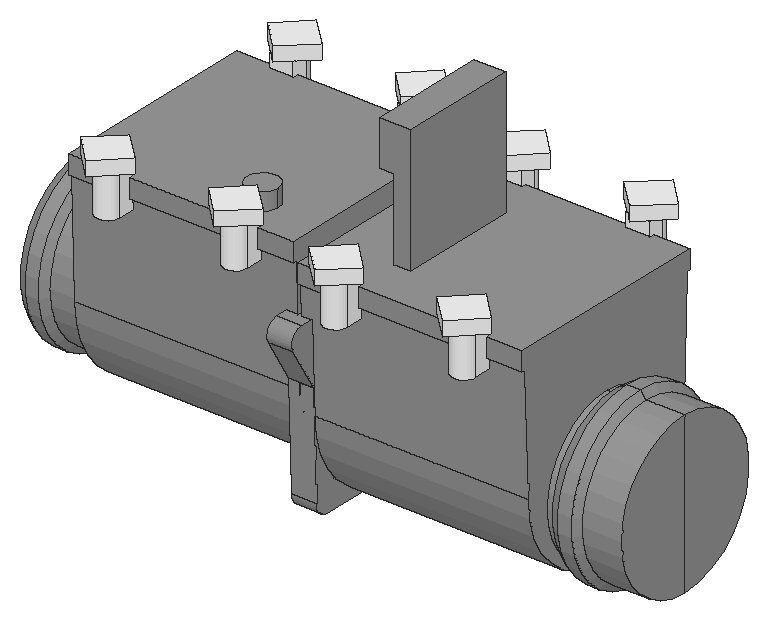
Revit family "HL_Механический канализационный затвор_HL712.2", category Příslušenství trubek, Revit 2016
Family settings
  Typ součásti = Normální
  Kóta kulaté spojky = Použít průměr
  Číslo OmniClass = 23.65.55.14.21
  Nadpis OmniClass = Non-Return Valves for Liquid Services
  Založené na pracovní rovině = Ne
  Vždy vertikální = Ano
  Ořezat dutým tvarem při načtení = Ne
  Sdílené = Ne
Parameters (values of type "HL_Механический канализационный затвор_HL712.2")
  РАЗМЕР = "DN125"
  ПРОПУСКНАЯ СПОСОБНОСТЬ [instance] = 0.0 m³/h
  ПРАВОВАЯ ИНФОРМАЦИЯ = "\"Авторские права(©), права на дизайн или какие либо другие права интелектуальной собственности являются исключительной собственностью компании HL Hutterer & Lechner. Изменению не подлежит. Файл семейства с данными о прозводителе изделия защищен паролем с водяным знаком.\""
  ПАДЕНИЕ ДАВЛЕНИЯ [instance] = 0.0 Pa
  НОМИНАЛЬНЫЙ ДИАМЕТР 2 = 125 mm
  НОМИНАЛЬНЫЙ ДИАМЕТР = 125 mm
  МАТЕРИАЛ = "ABS"
  ВЫСОТА МОНТАЖА = "320 mm"
  ВЕС = "3,32 kg"
  Výrobce = "HL Hutterer & Lechner GmbH"
  URL = "http://www.hutterer-lechner.com/ru/products/catalog/roof-drains/HL712.2.aspx"
  Popis = "Механический канализационный затвор"
  Model = "HL712.2"
  Komentáře k typům = "Механический канализационный затвор DN125 с 2 заслонками из нержавеющей стали и ручным затвором."
  Keynote = "HL712.2"
  EAN = "9003076971220"
  Cena = 0
Types (2, lengths in mm): name | URL | Popis | Komentáře k typům
  (no name) | "http://www.hutterer-lechner.com/en/products/catalog/roof-drains/HL712.2.aspx" | "Anti flood valves" | "anti-flood valve DN125 with 2 stainless steel flap and manual blocking"
  HL_Механический канализационный затвор_HL712.2 | "http://www.hutterer-lechner.com/ru/products/catalog/roof-drains/HL712.2.aspx" | "Механический канализационный затвор" | "Механический канализационный затвор DN125 с 2 заслонками из нержавеющей стали и ручным затвором."
Values of the unnamed type that differ from the named types
  ПРАВОВАЯ ИНФОРМАЦИЯ = "\"Copyright (©), design rights or any other intellectual property rights, shall be the exclusive property of HL Hutterer & Lechner GmbH. Modification is not allowed. Family has been watermarked.\""
Reference planes
  plane 1 "Střed (vpředu/vzadu)": y = 0
  plane 2: z = 0
  plane 3 "Střed (vlevo/vpravo)": x = 0
Forms (mm)
  Sweep 1, solid, material "Plastic - Orange", detail levels fine
    path origin (292.29, 0, 108.4) x (1, 0, 0) y (0, 1, 0)
      loop
        line (94.75, 0) -> (-94.75, 0)
    profile origin (292.29, 0, 108.4) x (0, -1, 0) y (0, 0, 1)
      loop
        line (0, 0) -> (-88.191, 0) -> (-88.191, -16) -> (-85.007, -16) -> (-81.547, -115.07)
        arc (-81.547, -115.07) -> (-58.136, -173.311) -> (0, -196.982) r 80.412
        arc (0, -196.982) -> (58.136, -173.311) -> (81.547, -115.07) r 80.412
        line (81.547, -115.07) -> (85.007, -16) -> (88.191, -16) -> (88.191, 0) -> (0, 0)
  Extrusion 2, solid, material "Plactic - White", detail levels fine
    sketch origin (292.29, 0, 108.4) x (1, 0, 0) y (0, 1, 0)
      loop
        line (54, -121.127) -> (76.627, -98.5) -> (54, -75.873) -> (31.373, -98.5) -> (54, -121.127)
    from 11.235 to 23.235
  Extrusion 3, solid, material "Plactic - White", detail levels fine
    sketch origin (292.29, 0, 119.635) x (0, 1, 0) y (1, 0, 0)
      loop
        arc (-98.5, 64) -> (-108.5, 54) -> (-98.5, 44) r 10
        line (-98.5, 44) -> (-84.694, 44) -> (-84.694, 64) -> (-98.5, 64)
    from 0 to 37.235
  Extrusion 4, solid, material "Plactic - White", detail levels fine
    sketch origin (184.29, 0, 108.4) x (1, 0, 0) y (0, 1, 0)
      loop
        line (54, -121.127) -> (76.627, -98.5) -> (54, -75.873) -> (31.373, -98.5) -> (54, -121.127)
    from 11.235 to 23.235
  Extrusion 5, solid, material "Plactic - White", detail levels fine
    sketch origin (184.29, 0, 119.635) x (0, 1, 0) y (1, 0, 0)
      loop
        arc (-98.5, 64) -> (-108.5, 54) -> (-98.5, 44) r 10
        line (-98.5, 44) -> (-84.694, 44) -> (-84.694, 64) -> (-98.5, 64)
    from 0 to 37.235
  Extrusion 6, solid, material "Plactic - White", detail levels fine
    sketch origin (292.29, 0, 108.4) x (1, 0, 0) y (0, 1, 0)
      loop
        line (54, 121.127) -> (31.373, 98.5) -> (54, 75.873) -> (76.627, 98.5) -> (54, 121.127)
    from 11.235 to 23.235
  Extrusion 7, solid, material "Plactic - White", detail levels fine
    sketch origin (292.29, 0, 119.635) x (0, -1, 0) y (1, 0, 0)
      loop
        arc (-98.5, 64) -> (-108.5, 54) -> (-98.5, 44) r 10
        line (-98.5, 44) -> (-84.694, 44) -> (-84.694, 64) -> (-98.5, 64)
    from 0 to 37.235
  Extrusion 8, solid, material "Plactic - White", detail levels fine
    sketch origin (184.29, 0, 108.4) x (1, 0, 0) y (0, 1, 0)
      loop
        line (54, 121.127) -> (31.373, 98.5) -> (54, 75.873) -> (76.627, 98.5) -> (54, 121.127)
    from 11.235 to 23.235
  Extrusion 9, solid, material "Plactic - White", detail levels fine
    sketch origin (184.29, 0, 119.635) x (0, 1, 0) y (1, 0, 0)
      loop
        line (98.5, 64) -> (84.694, 64) -> (84.694, 44) -> (98.5, 44)
        arc (98.5, 44) -> (108.5, 54) -> (98.5, 64) r 10
    from 0 to 37.235
  Revolve 10, solid, material "Plastic - Orange", not visible, detail levels fine
    sketch origin (296.226, 0, 106.353) x (1, 0, 0) y (0, 0, 1)
      loop
        line (157.469, -128.5) -> (90.814, -128.5) -> (90.814, -191) -> (157.469, -191) -> (157.469, -128.5)
      axis (157.469, -128.5) -> (90.814, -128.5)
    angle from 0 to 360
  Extrusion 11, solid, material "Plastic - Red", detail levels fine
    sketch origin (296.226, 0, 108.4) x (1, 0, 0) y (0, 0, 1)
      loop
        line (-60.186, 106.5) -> (-60.186, 68.5) -> (-47.686, 68.5) -> (-47.686, 0) -> (-33.686, 0) -> (-33.686, 106.5) -> (-60.186, 106.5)
    from -50 to 50
  Sweep 12, solid, material "Plastic - Orange", detail levels fine
    path origin (99.75, 0, 123.4) x (1, 0, 0) y (0, 1, 0)
      loop
        line (94.75, 0) -> (-94.75, 0)
    profile origin (99.75, 0, 123.4) x (0, -1, 0) y (0, 0, 1)
      loop
        line (0, 0) -> (-88.191, 0) -> (-88.191, -16) -> (-85.007, -16) -> (-81.547, -115.07)
        arc (-81.547, -115.07) -> (-58.136, -173.311) -> (0, -196.982) r 80.412
        arc (0, -196.982) -> (58.136, -173.311) -> (81.547, -115.07) r 80.412
        line (81.547, -115.07) -> (85.007, -16) -> (88.191, -16) -> (88.191, 0) -> (0, 0)
  Extrusion 13, solid, material "Plactic - White", detail levels fine
    sketch origin (99.75, 0, 123.4) x (1, 0, 0) y (0, 1, 0)
      loop
        line (54, -121.127) -> (76.627, -98.5) -> (54, -75.873) -> (31.373, -98.5) -> (54, -121.127)
    from 11.235 to 23.235
  Extrusion 14, solid, material "Plactic - White", detail levels fine
    sketch origin (99.75, 0, 134.635) x (0, 1, 0) y (1, 0, 0)
      loop
        arc (-98.5, 64) -> (-108.5, 54) -> (-98.5, 44) r 10
        line (-98.5, 44) -> (-84.694, 44) -> (-84.694, 64) -> (-98.5, 64)
    from 0 to 37.235
  Extrusion 15, solid, material "Plactic - White", detail levels fine
    sketch origin (-8.25, 0, 123.4) x (1, 0, 0) y (0, 1, 0)
      loop
        line (54, -121.127) -> (76.627, -98.5) -> (54, -75.873) -> (31.373, -98.5) -> (54, -121.127)
    from 11.235 to 23.235
  Extrusion 16, solid, material "Plactic - White", detail levels fine
    sketch origin (-8.25, 0, 134.635) x (0, 1, 0) y (1, 0, 0)
      loop
        arc (-98.5, 64) -> (-108.5, 54) -> (-98.5, 44) r 10
        line (-98.5, 44) -> (-84.694, 44) -> (-84.694, 64) -> (-98.5, 64)
    from 0 to 37.235
  Revolve 17, solid, material "Plastic - Orange", detail levels fine
    sketch origin (103.686, 0, 113.4) x (1, 0, 0) y (0, 0, 1)
      loop
        line (-156.6, -113.4) -> (-156.6, -180.418) -> (-147.791, -186.042) -> (-136.164, -186.448) -> (-131.953, -180.418) -> (-98.686, -180.418) -> (-98.686, -113.4) -> (-156.6, -113.4)
      axis (-98.686, -113.4) -> (-156.6, -113.4)
    angle from 0 to 360
  Extrusion 18, solid, material "Plactic - White", detail levels fine
    sketch origin (99.75, 0, 123.4) x (1, 0, 0) y (0, 1, 0)
      loop
        line (54, 121.127) -> (31.373, 98.5) -> (54, 75.873) -> (76.627, 98.5) -> (54, 121.127)
    from 11.235 to 23.235
  Extrusion 19, solid, material "Plactic - White", detail levels fine
    sketch origin (99.75, 0, 134.635) x (0, 1, 0) y (1, 0, 0)
      loop
        line (98.5, 64) -> (84.694, 64) -> (84.694, 44) -> (98.5, 44)
        arc (98.5, 44) -> (108.5, 54) -> (98.5, 64) r 10
    from 0 to 37.235
  Extrusion 20, solid, material "Plactic - White", detail levels fine
    sketch origin (-8.25, 0, 123.4) x (1, 0, 0) y (0, 1, 0)
      loop
        line (54, 121.127) -> (31.373, 98.5) -> (54, 75.873) -> (76.627, 98.5) -> (54, 121.127)
    from 11.235 to 23.235
  Extrusion 21, solid, material "Plactic - White", detail levels fine
    sketch origin (-8.25, 0, 134.635) x (0, 1, 0) y (1, 0, 0)
      loop
        line (98.5, 64) -> (84.694, 64) -> (84.694, 44) -> (98.5, 44)
        arc (98.5, 44) -> (108.5, 54) -> (98.5, 64) r 10
    from 0 to 37.235
  Extrusion 22, solid, material "Plastic - Orange", detail levels fine
    sketch origin (194.5, 0, 123.4) x (-1, 0, 0) y (0, -1, 0)
      loop
        circle (49.603, 59.107) r 13
    from 0 to 14.44
  Extrusion 23, solid, material "Plastic - Orange", detail levels fine
    sketch origin (200.477, 0, 123.4) x (0, 1, 0) y (0, 0, 1)
      loop
        line (0, -56.5) -> (-94.75, -56.5)
        arc (-94.75, -56.5) -> (-103.87, -61.797) -> (-103.788, -72.344) r 10.5
        line (-103.788, -72.344) -> (-82.294, -108.697) -> (-79.506, -197.494)
        arc (-79.506, -197.494) -> (-75.99, -205.983) -> (-67.5, -209.5) r 12.006
        line (-67.5, -209.5) -> (0, -209.5) -> (67.5, -209.5)
        arc (67.5, -209.5) -> (75.99, -205.983) -> (79.506, -197.494) r 12.006
        line (79.506, -197.494) -> (82.294, -108.697) -> (103.788, -72.344)
        arc (103.788, -72.344) -> (103.87, -61.797) -> (94.75, -56.5) r 10.5
        line (94.75, -56.5) -> (0, -56.5)
    from -14.769 to 6.071
  Revolve 24, solid, material "Plastic - Orange", detail levels fine
    sketch origin (552.381, 0, 91.253) x (1, 0, 0) y (0, 0, 1)
      loop
        line (-165.341, -113.4) -> (-165.341, -175.9) -> (-156.6, -175.9) -> (-156.6, -180.418) -> (-147.791, -186.042) -> (-136.164, -186.448) -> (-131.953, -180.418) -> (-98.686, -180.418) -> (-98.686, -113.4) -> (-165.341, -113.4)
      axis (-98.686, -113.4) -> (-165.341, -113.4)
    angle from 0 to 360
Lines and regions (mm)
  model lines, style "Symbol", detail levels coarse+medium
    curve 1: line (0, 0, 0) -> (453.695, 0, -23.04)
    curve 2: line (351.847, 0, -71.52) -> (351.847, 0, 48.48)
    curve 3: line (351.847, 0, 48.48) -> (101.847, 0, 48.48)
    curve 4: line (101.847, 0, -71.52) -> (101.847, 0, 48.48)
    curve 13: line (351.847, 0, -71.52) -> (101.847, 0, -71.52)
  symbolic lines, style "Symbol", detail levels coarse+medium
    curve 5: line (453.695, 0, 0) -> (0, 0, 0)
    curve 6: line (351.847, -60, 0) -> (351.847, 60, 0)
    curve 7: line (351.847, 60, 0) -> (101.847, 60, 0)
    curve 8: line (101.847, -60, 0) -> (101.847, 60, 0)
    curve 9: line (226.847, -105, 0) -> (226.847, 105, 0)
    curve 10: line (351.847, -60, 0) -> (101.847, -60, 0)
  model lines, detail levels coarse+medium
    curve 11: line (226.847, 0, -11.52) -> (226.847, 0, 93.48)
    curve 12: line (226.847, 0, -116.52) -> (226.847, 0, -11.52)
Dimensions and locks
  aligned and locked: level to plane 2
Connectors
  piping at (0, 0, 0), diameter 125, driven by "ПАДЕНИЕ ДАВЛЕНИЯ", driven by "НОМИНАЛЬНЫЙ ДИАМЕТР", driven by "ПРОПУСКНАЯ СПОСОБНОСТЬ"
    settings: on plane 3 "Střed (vlevo/vpravo)", index 1, connector inside diameter 609.6 mm, connector length 0 mm, flow factor 0, pipe flow 0.0 m³/h, pressure drop 0.0 Pa, fitting loss kfactor 0, connector angle 0.00°, fixture units 0, engagement length 0 mm, angle of deflection 0.00°, flow configuration 0, flow direction 0, fitting loss method 4, system type 16, joint type 0, gender type 0, connector reference index -1, connector utility 0, adjustable connector no, is connector primary yes, connector description ""
  piping at (453.695, 0, -22.147), diameter 125, driven by "НОМИНАЛЬНЫЙ ДИАМЕТР 2", driven by "ПРОПУСКНАЯ СПОСОБНОСТЬ"
    settings: on Revolve 10, index 2, connector inside diameter 609.6 mm, connector length 0 mm, flow factor 0, pipe flow 0.0 m³/h, pressure drop 0.0 Pa, fitting loss kfactor 0, connector angle 0.00°, fixture units 0, engagement length 0 mm, angle of deflection 0.00°, flow configuration 1, flow direction 2, fitting loss method 4, system type 16, joint type 0, gender type 0, connector reference index -1, connector utility 0, adjustable connector no, is connector primary no, connector description ""
